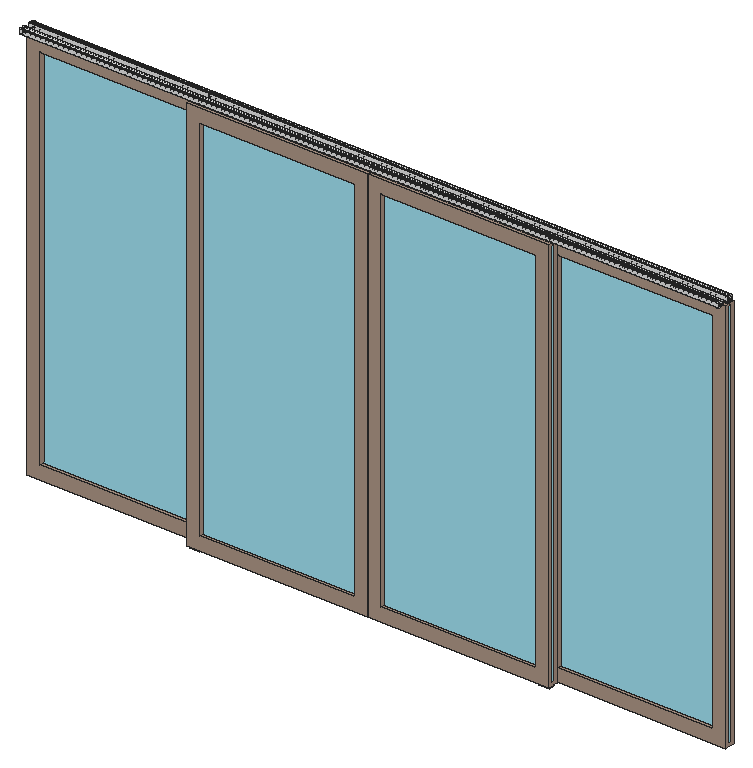
Revit family "4 Panel Slide SB4S XRDLP", category Doors, host Wall, Revit 2016
Family settings
  Host = Wall
  Always vertical = Yes
  Cut with Voids When Loaded = No
  Shared = No
  Room Calculation Point = No
Parameters (values of type "162"x 94 1/8"")
  URL = "www.raydoor.com"
  Type Image = SB4S.jpg
  Thickness = 2 1/4"  # constant formula
  Rough Width = 1"  # constant formula
  Rough Height = 1" / 4  # 1/4"
  Model = "SB4S"
  Function = Interior
  Door Material = Door - Panel
  Panel Material = Glass, Cast, Gray
  Height = 94 1/8"
  Trim Projection Ext = 63/64"  # constant formula
  Typ = 3"  # constant formula
  Wall Closure = By host
  Width = 162"
  Assembly Code = "SB4S XRDLP"
Reference planes (in)
  plane 1: y = 0
  plane 2: z = 0
  plane 3: x = -0.00001
  plane 4: x = -81.00001
  plane 5: x = 80.99999
  plane 6: z = 94.125
  plane 7: z = 92.9375
  plane 8: x = 77.99999
  plane 9: x = 79.49999
  plane 10: x = -3.00001
  plane 11: x = -1.50001
  plane 12: x = 1.49999
  plane 13: x = -79.50001
  plane 14: x = -78.00001
  plane 15: y = 0.125
  plane 16: y = -2.375
  plane 17: y = 2.375
  plane 18: y = -0.125
  plane 19: x = -40.50001
  plane 20: x = -39.00001
  plane 21: x = -42.00001
  plane 22: x = 40.49999
  plane 23: x = 41.99999
  plane 24: x = 38.99999
  plane 25: x = 2.99999
Forms (in)
  Extrusion 1, solid, material "Door - Panel" <- "Door Material"
    sketch origin (-58, 2.62273, 0.25) x (1, 0, 0) y (0, 0, 1)
      loop
        line (57.99999, 92.125) -> (57.99999, 0.25) -> (99.99999, 0.25) -> (99.99999, 92.125) -> (57.99999, 92.125)
      loop
        line (60.99999, 89.125) -> (60.99999, 3.25) -> (96.99999, 3.25) -> (96.99999, 89.125) -> (60.99999, 89.125)
    from 2.74773 to 4.99609
  Extrusion 2, solid, material "Glass, Cast, Gray" <- "Panel Material"
    sketch origin (-57.74997, -27.47932, 0.25) x (1, 0, 0) y (0, 0, 1)
      loop
        line (57.74997, 92.125) -> (57.74997, 1.125) -> (99.74997, 1.125) -> (99.74997, 92.125) -> (57.74997, 92.125)
    from -26.35104 to -26.10268
  Extrusion 3, void
    sketch origin (-58, -9.64385, -90.75) x (1, 0, 0) y (0, 0, 1)
      loop
        line (57.99999, 92.125) -> (57.99999, 91.25) -> (99.99999, 91.25) -> (99.99999, 92.125) -> (57.99999, 92.125)
    from -8.51721 to -8.26885
  Extrusion 4, solid, material "Door - Panel" <- "Door Material"
    sketch origin (-99, 0.3721, 0.25) x (1, 0, 0) y (0, 0, 1)
      loop
        line (56.99999, 92.125) -> (56.99999, 0.25) -> (98.99999, 0.25) -> (98.99999, 92.125) -> (56.99999, 92.125)
      loop
        line (59.99999, 89.125) -> (59.99999, 3.25) -> (95.99999, 3.25) -> (95.99999, 89.125) -> (59.99999, 89.125)
    from 0.49874 to 2.7471
  Extrusion 5, solid, material "Glass, Cast, Gray" <- "Panel Material"
    sketch origin (-98.99995, -7.34164, 0.25) x (1, 0, 0) y (0, 0, 1)
      loop
        line (56.99994, 92.125) -> (56.99994, 1.125) -> (98.99994, 1.125) -> (98.99994, 92.125) -> (56.99994, 92.125)
    from -6.215 to -5.96664
  Extrusion 6, void
    sketch origin (-99, -14.51721, -90.75) x (1, 0, 0) y (0, 0, 1)
      loop
        line (56.99999, 92.125) -> (56.99999, 91.25) -> (98.99999, 91.25) -> (98.99999, 92.125) -> (56.99999, 92.125)
    from -13.39057 to -13.14221
  Extrusion 7, solid, material "UHMW, White", detail levels medium+fine
    sketch origin (127.27771, -1.73342, 0.25) x (0, 1, 0) y (0, 0, 1)
      loop
        line (1.16928, -0.25) -> (1.16928, -0.0625) -> (0.60678, -0.0625) -> (0.60678, 0.75) -> (0.41928, 0.75) -> (0.41928, -0.0625) -> (-0.14322, -0.0625) -> (-0.14322, -0.25) -> (1.16928, -0.25)
      loop
        line (-0.04289, 93.65625) -> (-0.04289, 92.85447) -> (1.00562, 92.85447) -> (1.00562, 93.65625) -> (-0.04289, 93.65625)
    from -88.02771 to -85.52771
  Extrusion 8, solid, material "UHMW, White", detail levels medium+fine
    sketch origin (49.27771, 0.76658, 0.25) x (0, 1, 0) y (0, 0, 1)
      loop
        line (1.16928, -0.25) -> (1.16928, -0.0625) -> (0.60678, -0.0625) -> (0.60678, 0.75) -> (0.41928, 0.75) -> (0.41928, -0.0625) -> (-0.14322, -0.0625) -> (-0.14322, -0.25) -> (1.16928, -0.25)
      loop
        line (-0.04125, 93.65625) -> (-0.04125, 92.85447) -> (1.00726, 92.85447) -> (1.00726, 93.65625) -> (-0.04125, 93.65625)
    from -91.02771 to -88.52771
  Extrusion 9, solid, material "UHMW, White"
    sketch origin (0, 42.66856, -9.0893) x (0, 1, 0) y (0, 0, 1)
      loop
        line (-40.98125, 103.19868) -> (-41.00944, 103.2143) -> (-41.82807, 103.2143) -> (-41.85625, 103.19868)
        arc (-41.85625, 103.19868) -> (-41.80157, 103.14399) -> (-41.85625, 103.0893) r 0.05469
        line (-41.85625, 103.0893) -> (-41.98125, 103.0893)
        arc (-41.98125, 103.0893) -> (-42.00335, 103.08015) -> (-42.0125, 103.05805) r 0.03125
        line (-42.0125, 103.05805) -> (-42.0125, 102.01916)
        arc (-42.0125, 102.01916) -> (-42.00619, 102.00031) -> (-41.9898, 101.98907) r 0.0313
        line (-41.9898, 101.98907) -> (-41.79375, 101.93305) -> (-41.69219, 101.93305)
        arc (-41.69219, 101.93305) -> (-41.67401, 101.9417) -> (-41.66924, 101.96126) r 0.02344
        arc (-41.66924, 101.96126) -> (-41.67141, 101.97686) -> (-41.68296, 101.98757) r 0.02344
        line (-41.68296, 101.98757) -> (-41.93438, 102.0594) -> (-41.93438, 102.13127) -> (-41.95, 102.19377) -> (-41.95, 102.99555) -> (-41.80157, 103.006) -> (-41.70968, 103.12055) -> (-41.12783, 103.12055) -> (-41.03594, 103.006) -> (-40.8875, 102.99555) -> (-40.8875, 102.19377) -> (-40.90313, 102.13127) -> (-40.90313, 102.0594) -> (-41.15455, 101.98757)
        arc (-41.15455, 101.98757) -> (-41.1661, 101.97686) -> (-41.16826, 101.96126) r 0.02344
        arc (-41.16826, 101.96126) -> (-41.1635, 101.9417) -> (-41.14532, 101.93305) r 0.02344
        line (-41.14532, 101.93305) -> (-41.04375, 101.93305) -> (-40.84771, 101.98907)
        arc (-40.84771, 101.98907) -> (-40.83132, 102.00031) -> (-40.825, 102.01916) r 0.0313
        line (-40.825, 102.01916) -> (-40.825, 103.05805)
        arc (-40.825, 103.05805) -> (-40.83416, 103.08015) -> (-40.85625, 103.0893) r 0.03125
        line (-40.85625, 103.0893) -> (-40.98125, 103.0893)
        arc (-40.98125, 103.0893) -> (-41.03594, 103.14399) -> (-40.98125, 103.19868) r 0.05469
    from -81.00001 to 80.99999
  Extrusion 10, solid, material "UHMW, White"
    sketch origin (-41.44048, 1.65912, 94.125) x (0, -1, 0) y (1, 0, 0)
      loop
        circle (2.90868, 81.94047) r 0.125
    from -1.75 to -0.09375
  Extrusion 11, solid, material "UHMW, White"
    sketch origin (0, 40.4202, -9.0893) x (0, 1, 0) y (0, 0, 1)
      loop
        line (-41.23289, 103.19868) -> (-41.26108, 103.2143) -> (-42.07971, 103.2143) -> (-42.10789, 103.19868)
        arc (-42.10789, 103.19868) -> (-42.05321, 103.14399) -> (-42.10789, 103.0893) r 0.05469
        line (-42.10789, 103.0893) -> (-42.23289, 103.0893)
        arc (-42.23289, 103.0893) -> (-42.25499, 103.08015) -> (-42.26414, 103.05805) r 0.03125
        line (-42.26414, 103.05805) -> (-42.26414, 102.01916)
        arc (-42.26414, 102.01916) -> (-42.25783, 102.00031) -> (-42.24144, 101.98907) r 0.0313
        line (-42.24144, 101.98907) -> (-42.04539, 101.93305) -> (-41.94383, 101.93305)
        arc (-41.94383, 101.93305) -> (-41.92565, 101.9417) -> (-41.92088, 101.96126) r 0.02344
        arc (-41.92088, 101.96126) -> (-41.92305, 101.97686) -> (-41.9346, 101.98757) r 0.02344
        line (-41.9346, 101.98757) -> (-42.18602, 102.0594) -> (-42.18602, 102.13127) -> (-42.20164, 102.19377) -> (-42.20164, 102.99555) -> (-42.05321, 103.006) -> (-41.96132, 103.12055) -> (-41.37947, 103.12055) -> (-41.28758, 103.006) -> (-41.13914, 102.99555) -> (-41.13914, 102.19377) -> (-41.15477, 102.13127) -> (-41.15477, 102.0594) -> (-41.40619, 101.98757)
        arc (-41.40619, 101.98757) -> (-41.41774, 101.97686) -> (-41.4199, 101.96126) r 0.02344
        arc (-41.4199, 101.96126) -> (-41.41514, 101.9417) -> (-41.39696, 101.93305) r 0.02344
        line (-41.39696, 101.93305) -> (-41.29539, 101.93305) -> (-41.09935, 101.98907)
        arc (-41.09935, 101.98907) -> (-41.08296, 102.00031) -> (-41.07664, 102.01916) r 0.0313
        line (-41.07664, 102.01916) -> (-41.07664, 103.05805)
        arc (-41.07664, 103.05805) -> (-41.0858, 103.08015) -> (-41.10789, 103.0893) r 0.03125
        line (-41.10789, 103.0893) -> (-41.23289, 103.0893)
        arc (-41.23289, 103.0893) -> (-41.28758, 103.14399) -> (-41.23289, 103.19868) r 0.05469
    from -81.00001 to 80.99999
  Extrusion 12, solid, material "UHMW, White"
    sketch origin (-92.86615, -11.16274, 94.125) x (0, -1, 0) y (1, 0, 0)
      loop
        circle (-12.41356, 52.36615) r 0.125
    from -1.75 to 0
  Extrusion 13, solid, material "Door - Panel" <- "Door Material"
    sketch origin (-99, 2.87047, 0.25) x (1, 0, 0) y (0, 0, 1)
      loop
        line (17.99999, 92.125) -> (17.99999, 0.25) -> (59.99999, 0.25) -> (59.99999, 92.125) -> (17.99999, 92.125)
      loop
        line (20.99999, 89.125) -> (20.99999, 3.25) -> (56.99999, 3.25) -> (56.99999, 89.125) -> (20.99999, 89.125)
    from 0.4971 to 2.74547
  Extrusion 14, solid, material "Glass, Cast, Gray" <- "Panel Material"
    sketch origin (-98.99995, -4.84328, 0.25) x (1, 0, 0) y (0, 0, 1)
      loop
        line (17.99994, 92.125) -> (17.99994, 1.125) -> (59.99994, 1.125) -> (59.99994, 92.125) -> (17.99994, 92.125)
    from -6.21664 to -5.96828
  Extrusion 15, void
    sketch origin (-99, -12.01885, -90.75) x (1, 0, 0) y (0, 0, 1)
      loop
        line (56.99999, 92.125) -> (56.99999, 91.25) -> (59.99999, 91.25) -> (59.99999, 92.125) -> (56.99999, 92.125)
    from -13.39221 to -13.14385
  Extrusion 16, solid, material "Door - Panel" <- "Door Material"
    sketch origin (-67, 2.87047, 0.25) x (1, 0, 0) y (0, 0, 1)
      loop
        line (105.99999, 92.125) -> (105.99999, 0.25) -> (147.99999, 0.25) -> (147.99999, 92.125) -> (105.99999, 92.125)
      loop
        line (108.99999, 89.125) -> (108.99999, 3.25) -> (144.99999, 3.25) -> (144.99999, 89.125) -> (108.99999, 89.125)
    from 0.4971 to 2.74547
  Extrusion 17, solid, material "Glass, Cast, Gray" <- "Panel Material"
    sketch origin (-66.99995, -4.59328, 0.25) x (1, 0, 0) y (0, 0, 1)
      loop
        line (105.99994, 92.125) -> (105.99994, 1.125) -> (147.99994, 1.125) -> (147.99994, 92.125) -> (105.99994, 92.125)
    from -5.96664 to -5.71828
  Extrusion 18, void
    sketch origin (-67, -12.01885, -90.75) x (1, 0, 0) y (0, 0, 1)
      loop
        line (105.99999, 92.125) -> (105.99999, 91.25) -> (147.99999, 91.25) -> (147.99999, 92.125) -> (105.99999, 92.125)
    from -13.39221 to -13.14385
  Extrusion 19, solid, material "UHMW, White", detail levels medium+fine
    sketch origin (61.27771, -1.73342, 0.25) x (0, 1, 0) y (0, 0, 1)
      loop
        line (1.16928, -0.25) -> (1.16928, -0.0625) -> (0.60678, -0.0625) -> (0.60678, 0.75) -> (0.41928, 0.75) -> (0.41928, -0.0625) -> (-0.14322, -0.0625) -> (-0.14322, -0.25) -> (1.16928, -0.25)
      loop
        line (-0.04289, 93.65625) -> (-0.04289, 92.85447) -> (1.00562, 92.85447) -> (1.00562, 93.65625) -> (-0.04289, 93.65625)
    from -103.02771 to -100.52771
  Extrusion 20, solid, material "UHMW, White", detail levels medium+fine
    sketch origin (138.27771, 0.76658, 0.25) x (0, 1, 0) y (0, 0, 1)
      loop
        line (1.16928, -0.25) -> (1.16928, -0.0625) -> (0.60678, -0.0625) -> (0.60678, 0.75) -> (0.41928, 0.75) -> (0.41928, -0.0625) -> (-0.14322, -0.0625) -> (-0.14322, -0.25) -> (1.16928, -0.25)
      loop
        line (-0.04125, 93.65625) -> (-0.04125, 92.85447) -> (1.00726, 92.85447) -> (1.00726, 93.65625) -> (-0.04125, 93.65625)
    from -99.02771 to -96.52771
Cuts and joins
  Extrusion 3 cuts Extrusion 1
  Extrusion 3 cuts Extrusion 2
  Extrusion 6, Extrusion 15 cuts Extrusion 4
  Extrusion 6, Extrusion 15 cuts Extrusion 5
  Extrusion 15, Extrusion 18 cuts Extrusion 13
  Extrusion 15, Extrusion 18 cuts Extrusion 14
  Extrusion 18 cuts Extrusion 8
  Extrusion 18 cuts Extrusion 16
  Extrusion 18 cuts Extrusion 17
Lines and regions (in)
  Opening 1
    outline origin (-60, -2.99773, 144) x (0, 0, -1) y (1, 0, 0)
      loop
        line (49.875, -21.00001) -> (144, -21.00001) -> (144, 140.99999) -> (49.875, 140.99999) -> (49.875, -21.00001)
  Masking region 1
    outline origin (-7.24693, 27.04592, 0) x (1, 0, 0) y (0, 1, 0)
      loop
        line (-31.75307, -29.42092) -> (-31.75307, -27.17092) -> (-73.75307, -27.17092) -> (-73.75307, -29.42092) -> (-31.75307, -29.42092)
  Masking region 2
    outline origin (-7.24693, 29.28975, 0) x (1, 0, 0) y (0, 1, 0)
      loop
        line (-31.75307, -29.16475) -> (-31.75307, -26.91475) -> (-73.75307, -26.91475) -> (-73.75307, -29.16475) -> (-31.75307, -29.16475)
  Masking region 3
    outline origin (41.75307, 34.80676, 0) x (1, 0, 0) y (0, 1, 0)
      loop
        line (39.24693, -37.18176) -> (39.24693, -34.93176) -> (-2.75307, -34.93176) -> (-2.75307, -37.18176) -> (39.24693, -37.18176)
  Masking region 4
    outline origin (41.75307, 37.05059, 0) x (1, 0, 0) y (0, 1, 0)
      loop
        line (39.24693, -36.92559) -> (39.24693, -34.67559) -> (-2.75307, -34.67559) -> (-2.75307, -36.92559) -> (39.24693, -36.92559)
  symbolic lines, style "Elevation Swing"
    curve 1: line (-31.00001, 0, 37.98833) -> (-11, 0, 37.98833)
    curve 2: line (-11, 0, 32.79755) -> (-31.00001, 0, 32.79755)
    curve 3: line (-31.00001, 0, 37.98833) -> (-22.88008, 0, 40.48833)
    curve 4: line (-16.19616, 0, 29.79755) -> (-11, 0, 32.79755)
    curve 14: line (9.5, 0, 37.98833) -> (30.99999, 0, 37.98833)
    curve 15: line (30.99999, 0, 32.79755) -> (9.5, 0, 32.79755)
    curve 16: line (9.5, 0, 37.98833) -> (17.61992, 0, 40.48833)
    curve 17: line (25.80384, 0, 29.79755) -> (30.99999, 0, 32.79755)
  symbolic lines, style "Plan Swing"
    curve 5: line (30.99999, -14.55138, 0) -> (9.5, -14.55138, 0)
    curve 6: line (9.5, -14.55138, 0) -> (11.62132, -12.43006, 0)
    curve 7: line (30.99999, -16.07036, 0) -> (8.71019, -16.07036, 0)
    curve 8: line (28.87867, -18.19168, 0) -> (30.99999, -16.07036, 0)
    curve 10: line (-11.00001, -14.55138, 0) -> (-31.00001, -14.55138, 0)
    curve 11: line (-31.00001, -14.55138, 0) -> (-28.87869, -12.43006, 0)
    curve 12: line (-11.00001, -16.07036, 0) -> (-31.78981, -16.07036, 0)
    curve 13: line (-13.12133, -18.19168, 0) -> (-11.00001, -16.07036, 0)
  model lines
    curve 9: line (-81.00001, 3.00227, 0) -> (80.99999, 3.00227, 0)
Dimensions and locks (in)
  equal spacing: plane 4, plane 3, plane 5
  "Width": plane 4 to plane 5
  "Height": plane 6 to plane 2
  locked: plane 6 to plane 7 at 1.1875
  equal spacing: plane 8, plane 9, plane 5, locked at 1.5 each
  "Typ": plane 8 to plane 5
  equal spacing: plane 12, plane 22, plane 9
  equal spacing: plane 13, plane 19, plane 11, locked at 39 each
  "Typ": Extrusion 1 sketch curve to Extrusion 1 sketch curve  (x2)
  locked: Extrusion 2 to Extrusion 2 at 0.24836
  locked: Extrusion 2 sketch curve to Extrusion 1 at 0.875
  locked: Extrusion 3 to Extrusion 3 at 0.24836
  "Typ": Extrusion 4 sketch curve to Extrusion 4 sketch curve  (x2)
  locked: Extrusion 5 to Extrusion 5 at 0.24836
  locked: Extrusion 4 to Extrusion 5 at 1
  locked: Extrusion 5 sketch curve to Extrusion 4 at 0.875
  locked: Extrusion 6 to Extrusion 6 at 0.24836
  locked: plane 15 to plane 18 at 0.25
  "Typ": plane 4 to plane 14
  "Thickness": plane 17 to plane 15
  "Thickness": plane 18 to plane 16
  equal spacing: plane 4, plane 13, plane 14, locked at 1.5 each
  Extrusion 7 sketch curve to Extrusion 7 sketch curve = 3/16"
  locked: Extrusion 7 sketch curve to Extrusion 7 sketch curve at 0.5625  (x2)
  locked: Extrusion 7 sketch curve to Extrusion 7 sketch curve at 0.1875
  Extrusion 7 to Extrusion 7 to plane 23 = 2 1/2" locked, 1/4" locked
  plane 21 to Extrusion 8 to Extrusion 8 = 1/4" locked, 2 1/2" locked
  Extrusion 8 sketch curve to Extrusion 8 sketch curve = 3/16"
  locked: Extrusion 8 sketch curve to Extrusion 8 sketch curve at 0.5625  (x2)
  locked: Extrusion 8 sketch curve to Extrusion 8 sketch curve at 0.1875
  locked: cut or joined group of Extrusion 2, Extrusion 3 to plane 16 at 0.99836
  locked: plane 17 to Extrusion 12 sketch curve at 1.24918
  locked: Extrusion 10 sketch curve to plane 16 at 1.00044
  equal spacing: plane 21, plane 19, plane 20, locked at 1.5 each
  "Typ": plane 21 to plane 20
  equal spacing: plane 24, plane 22, plane 23
  "Typ": plane 24 to plane 23
  locked: plane 16 to cut or joined group of Extrusion 2, Extrusion 3 at 0.99836
  locked: cut or joined group of Extrusion 2, Extrusion 3 to plane 18 at 1.00164
  locked: cut or joined group of Extrusion 2, Extrusion 3 to cut or joined group of Extrusion 2, Extrusion 3 at 0.24836
  "Typ": Extrusion 13 sketch curve to Extrusion 13 sketch curve  (x2)
  locked: Extrusion 14 to Extrusion 14 at 0.24836
  locked: Extrusion 13 to Extrusion 14 at 1
  locked: Extrusion 14 sketch curve to Extrusion 13 at 0.875
  locked: Extrusion 15 to Extrusion 15 at 0.24836
  locked: cut or joined group of Extrusion 14, Extrusion 15, Extrusion 18 to plane 15 at 1
  "Typ": Extrusion 16 sketch curve to Extrusion 16 sketch curve  (x2)
  locked: Extrusion 17 to Extrusion 17 at 0.24836
  locked: Extrusion 16 to Extrusion 17 at 1
  locked: Extrusion 17 sketch curve to Extrusion 16 at 0.875
  locked: Extrusion 18 to Extrusion 18 at 0.24836
  locked: Extrusion 10 sketch curve to plane 23 at 1.375
  "Typ": plane 10 to plane 3
  "Typ": plane 3 to plane 25
  equal spacing: plane 3, plane 12, plane 25, locked at 1.5 each
  equal spacing: plane 10, plane 11, plane 3, locked at 1.5 each
  locked: plane 21 to Extrusion 12 sketch curve at 1.625
  Extrusion 19 sketch curve to Extrusion 19 sketch curve = 3/16"
  locked: Extrusion 19 sketch curve to Extrusion 19 sketch curve at 0.5625  (x2)
  locked: Extrusion 19 sketch curve to Extrusion 19 sketch curve at 0.1875
  locked: Extrusion 19 to Extrusion 19 at 2.5
  "Rough Height": Extrusion 19 to plane 21
  locked: Extrusion 20 to Extrusion 20 at 2.5
  Extrusion 20 sketch curve to Extrusion 20 sketch curve = 3/16"
  locked: Extrusion 20 sketch curve to Extrusion 20 sketch curve at 0.5625  (x2)
  locked: Extrusion 20 sketch curve to Extrusion 20 sketch curve at 0.1875
  "Rough Height": Extrusion 20 to plane 24
  diameter of Extrusion 10 sketch curve = 1/4"
  diameter of Extrusion 12 sketch curve = 1/4"
  aligned and locked: plane 5 to curve 9
  aligned and locked: Opening 1 sketch curve to plane 5
  aligned and locked: Opening 1 sketch curve to plane 4
  aligned and locked: Extrusion 1 to Extrusion 2
  aligned and locked: Extrusion 1 to Extrusion 3  (x2)
  aligned and locked: Extrusion 4 to Extrusion 5
  aligned and locked: Extrusion 4 to Extrusion 6  (x3)
  aligned and locked: plane 17 to Masking region 2
  aligned and locked: Masking region 2 to plane 15
  aligned and locked: Extrusion 7 sketch curve to Extrusion 7 sketch curve
  aligned and locked: cut or joined group of Extrusion 1, Extrusion 3 to Extrusion 7
  aligned and locked: Extrusion 10 to Extrusion 9
  aligned and locked: plane 4 to Extrusion 11
  aligned and locked: plane 4 to Extrusion 9
  aligned and locked: plane 4 to Masking region 1
  aligned and locked: plane 18 to Masking region 1
  aligned and locked: Masking region 1 to plane 16
  aligned and locked: cut or joined group of Extrusion 4, Extrusion 6, Extrusion 15 to plane 16
  aligned and locked: plane 18 to cut or joined group of Extrusion 4, Extrusion 6, Extrusion 15
  aligned and locked: cut or joined group of Extrusion 2, Extrusion 3 to plane 23
  aligned and locked: cut or joined group of Extrusion 1, Extrusion 3 to plane 23
  aligned and locked: cut or joined group of Extrusion 1, Extrusion 3 to plane 24
  aligned and locked: Masking region 1 to plane 20
  aligned and locked: cut or joined group of Extrusion 5, Extrusion 6, Extrusion 15 to Extrusion 6
  aligned and locked: Extrusion 13 to Extrusion 14
  aligned and locked: Extrusion 13 to Extrusion 15
  aligned and locked: Extrusion 13 to Masking region 2  (x2)
  aligned and locked: cut or joined group of Extrusion 13, Extrusion 15, Extrusion 18 to Extrusion 8
  aligned and locked: Masking region 2 to plane 20
  aligned and locked: Extrusion 16 to Extrusion 17
  aligned and locked: Extrusion 16 to Extrusion 18  (x3)
  aligned and locked: plane 17 to Extrusion 16
  aligned and locked: cut or joined group of Extrusion 16, Extrusion 18 to plane 15
  aligned and locked: cut or joined group of Extrusion 16, Extrusion 18 to plane 5
  aligned and locked: cut or joined group of Extrusion 17, Extrusion 18 to plane 5
  aligned and locked: plane 8 to cut or joined group of Extrusion 16, Extrusion 18
  aligned and locked: cut or joined group of Extrusion 16, Extrusion 18 to plane 23
  aligned and locked: cut or joined group of Extrusion 16, Extrusion 18 to plane 24
  aligned and locked: cut or joined group of Extrusion 17, Extrusion 18 to plane 24
  aligned and locked: Masking region 3 to plane 16
  aligned and locked: Masking region 3 to plane 18
  aligned and locked: Masking region 3 to plane 5
  aligned and locked: Masking region 3 to plane 24
  aligned and locked: Masking region 4 to plane 15
  aligned and locked: plane 17 to Masking region 4
  aligned and locked: Masking region 4 to plane 5
  aligned and locked: Masking region 4 to plane 24
  aligned and locked: Extrusion 11 to plane 5
  aligned and locked: Extrusion 9 to plane 5
  aligned and locked: cut or joined group of Extrusion 13, Extrusion 15, Extrusion 18 to Extrusion 15
  aligned and locked: cut or joined group of Extrusion 13, Extrusion 15, Extrusion 18 to Extrusion 14
  aligned and locked: plane 4 to cut or joined group of Extrusion 13, Extrusion 15, Extrusion 18
  aligned and locked: cut or joined group of Extrusion 13, Extrusion 15, Extrusion 18 to plane 14
  aligned and locked: Extrusion 13 to plane 21
  aligned and locked: cut or joined group of Extrusion 13, Extrusion 15, Extrusion 18 to plane 20
  aligned and locked: cut or joined group of Extrusion 14, Extrusion 15, Extrusion 18 to plane 20
  aligned and locked: plane 4 to Masking region 2
  aligned and locked: cut or joined group of Extrusion 4, Extrusion 6, Extrusion 15 to plane 21
  aligned and locked: cut or joined group of Extrusion 5, Extrusion 6, Extrusion 15 to plane 21
  aligned and locked: cut or joined group of Extrusion 4, Extrusion 6, Extrusion 15 to plane 20
  aligned and locked: Extrusion 3 to plane 3
  aligned and locked: Extrusion 2 to plane 3
  aligned and locked: cut or joined group of Extrusion 1, Extrusion 3 to plane 3
  aligned and locked: cut or joined group of Extrusion 1, Extrusion 3 to plane 25
  aligned and locked: plane 3 to cut or joined group of Extrusion 4, Extrusion 6, Extrusion 15
  aligned and locked: plane 10 to cut or joined group of Extrusion 4, Extrusion 6, Extrusion 15
  aligned and locked: plane 3 to cut or joined group of Extrusion 5, Extrusion 6, Extrusion 15
  aligned and locked: plane 3 to Extrusion 6
  aligned and locked: Extrusion 19 sketch curve to Extrusion 19 sketch curve
Automatic sketch dimensions
  curve 16 to plane 25 = 6 1/2"
  level to curve 16 = 37.98833"
  curve 3 to plane 20 = 8"
  level to curve 3 = 37.98833"
  curve 17 to plane 24 = 8"
  curve 14 to curve 17 = 5.19077"
  curve 1 to curve 2 = 5.19077"
  plane 10 to curve 2 = 8"
  curve 3 to plane 20 = 16.11993"
  curve 3 to curve 1 = 2 1/2"
  curve 16 to plane 25 = 14.61993"
  curve 16 to curve 14 = 2 1/2"
  curve 17 to plane 24 = 13.19615"
  curve 15 to curve 17 = 3"
  plane 10 to curve 4 = 13.19615"
  curve 2 to curve 4 = 3"
  curve 1 to curve 2 = 0"  (x2)
  curve 14 to curve 15 = 0"  (x2)
  Opening 1 sketch curve to plane 6 = 0"
  Opening 1 sketch curve to level = 0"
  curve 11 to plane 20 = 8"
  plane 10 to curve 12 = 8"
  curve 6 to plane 25 = 6 1/2"
  curve 7 to plane 24 = 8"
  host wall to curve 8 = 13.07263"
  host wall to curve 13 = 13.07263"
  curve 12 to curve 10 = 1.51898"
  curve 7 to curve 5 = 1.51898"
  curve 12 to curve 10 = 0.7898"
  curve 10 to curve 11 = 2.12132"  (x2)
  curve 13 to curve 12 = 2.12132"  (x2)
  curve 10 to curve 12 = 0"
  curve 7 to curve 5 = 0.7898"
  curve 5 to curve 6 = 2.12132"  (x2)
  curve 8 to curve 7 = 2.12132"  (x2)
  curve 5 to curve 7 = 0"
  curve 9 to level = 0"
  plane 4 to curve 9 = 0"
  Masking region 1 sketch curve to plane 4 = 0"
  Masking region 1 sketch curve to plane 18 = 0"
  Masking region 1 sketch curve to plane 20 = 0"
  Masking region 1 sketch curve to plane 16 = 0"
  Masking region 2 sketch curve to plane 4 = 0"
  Masking region 2 sketch curve to plane 17 = 0"
  Masking region 2 sketch curve to plane 20 = 0"
  Masking region 2 sketch curve to plane 15 = 0"
  Extrusion 1 sketch curve to plane 3 = 0"
  plane 25 to Extrusion 1 sketch curve = 0"
  Extrusion 1 sketch curve to plane 24 = 0"
  plane 23 to Extrusion 1 sketch curve = 0"
  level to Extrusion 1 sketch curve = 1/2"
  plane 7 to Extrusion 1 sketch curve = 3 9/16"
  Extrusion 2 sketch curve to plane 3 = 0"
  plane 23 to Extrusion 2 sketch curve = 0"
  plane 7 to Extrusion 2 sketch curve = 9/16"
  Extrusion 3 sketch curve to plane 3 = 0"
  plane 23 to Extrusion 3 sketch curve = 0"
  level to Extrusion 3 sketch curve = 1/2"
  Extrusion 3 sketch curve to Extrusion 3 sketch curve = 7/8"
  Extrusion 4 sketch curve to plane 21 = 0"
  plane 20 to Extrusion 4 sketch curve = 0"
  plane 10 to Extrusion 4 sketch curve = 0"
  Extrusion 4 sketch curve to plane 3 = 0"
  level to Extrusion 4 sketch curve = 1/2"
  plane 7 to Extrusion 4 sketch curve = 3 9/16"
  Extrusion 5 sketch curve to plane 21 = 0"
  Extrusion 5 sketch curve to plane 3 = 0"
  plane 7 to Extrusion 5 sketch curve = 9/16"
  Extrusion 6 sketch curve to plane 21 = 0"
  Extrusion 6 sketch curve to plane 3 = 0"
  level to Extrusion 6 sketch curve = 1/2"
  Extrusion 6 sketch curve to Extrusion 6 sketch curve = 7/8"
  Extrusion 7 sketch curve to level = 0"
  plane 16 to Extrusion 7 sketch curve = 0.49836"
  Extrusion 7 sketch curve to plane 7 = 0.16697"
  plane 16 to Extrusion 7 sketch curve = 0.59869"
  plane 6 to Extrusion 7 sketch curve = 7/32"
  Extrusion 7 sketch curve to plane 18 = 0.6028"
  Extrusion 7 sketch curve to Extrusion 7 sketch curve = 13/16"
  Extrusion 8 sketch curve to level = 0"
  plane 15 to Extrusion 8 sketch curve = 0.49836"
  Extrusion 8 sketch curve to plane 7 = 0.16697"
  plane 15 to Extrusion 8 sketch curve = 0.60033"
  plane 6 to Extrusion 8 sketch curve = 7/32"
  Extrusion 8 sketch curve to plane 17 = 0.60116"
  Extrusion 8 sketch curve to Extrusion 8 sketch curve = 3/16"
  Extrusion 8 sketch curve to Extrusion 8 sketch curve = 13/16"
  plane 6 to Extrusion 9 sketch curve = 0"
  plane 7 to Extrusion 9 sketch curve = 0.00764"  (x2)
  plane 15 to Extrusion 9 sketch curve = 0.53106"
  plane 7 to Extrusion 9 sketch curve = 0.03774"  (x2)
  Extrusion 9 sketch curve to Extrusion 9 sketch curve = 0.0227"
  Extrusion 9 sketch curve to Extrusion 9 sketch curve = 1/32"  (x3)
  Extrusion 9 sketch curve to plane 7 = 0.10447"
  Extrusion 9 sketch curve to Extrusion 9 sketch curve = 1/64"  (x2)
  Extrusion 9 sketch curve to Extrusion 9 sketch curve = 1/8"
  Extrusion 9 sketch curve to Extrusion 9 sketch curve = 0.02819"  (x2)
  plane 6 to Extrusion 9 sketch curve = 0.20831"  (x2)
  Extrusion 9 sketch curve to Extrusion 9 sketch curve = 7/128"  (x3)
  plane 7 to Extrusion 9 sketch curve = 3/32"  (x2)
  Extrusion 9 sketch curve to Extrusion 9 sketch curve = 9/64"  (x2)
  plane 6 to Extrusion 9 sketch curve = 3/32"
  Extrusion 9 sketch curve to Extrusion 9 sketch curve = 0.09189"  (x2)
  Extrusion 9 sketch curve to Extrusion 9 sketch curve = 13/128"  (x2)
  Extrusion 9 sketch curve to Extrusion 9 sketch curve = 0"  (x2)
  plane 7 to Extrusion 9 sketch curve = 0.03924"  (x2)
  Extrusion 9 sketch curve to Extrusion 9 sketch curve = 0.00923"  (x2)
  Extrusion 9 sketch curve to Extrusion 9 sketch curve = 0.52841"
  Extrusion 9 sketch curve to Extrusion 9 sketch curve = 0.58185"
  Extrusion 9 sketch curve to Extrusion 9 sketch curve = 0.11839"
  Extrusion 9 sketch curve to plane 7 = 0.0326"  (x2)
  Extrusion 9 sketch curve to plane 7 = 0.16697"
  Extrusion 9 sketch curve to Extrusion 9 sketch curve = 0.04683"
  Extrusion 9 sketch curve to Extrusion 9 sketch curve = 0.0086"
  Extrusion 9 sketch curve to Extrusion 9 sketch curve = 3/128"  (x2)
  Extrusion 9 sketch curve to Extrusion 9 sketch curve = 0.00953"  (x2)
  Extrusion 9 sketch curve to Extrusion 9 sketch curve = 1/16"  (x4)
  Extrusion 9 sketch curve to Extrusion 9 sketch curve = 0.01044"  (x2)
  plane 6 to Extrusion 11 sketch curve = 0"
  plane 7 to Extrusion 11 sketch curve = 0.00764"  (x2)
  plane 16 to Extrusion 11 sketch curve = 0.53106"
  plane 7 to Extrusion 11 sketch curve = 0.03774"  (x2)
  Extrusion 11 sketch curve to Extrusion 11 sketch curve = 0.0227"
  Extrusion 11 sketch curve to Extrusion 11 sketch curve = 1/32"  (x3)
  Extrusion 11 sketch curve to plane 7 = 0.10447"
  Extrusion 11 sketch curve to Extrusion 11 sketch curve = 1/64"  (x2)
  Extrusion 11 sketch curve to Extrusion 11 sketch curve = 1/8"
  Extrusion 11 sketch curve to Extrusion 11 sketch curve = 0.02819"  (x2)
  plane 6 to Extrusion 11 sketch curve = 0.20831"  (x2)
  Extrusion 11 sketch curve to Extrusion 11 sketch curve = 7/128"  (x3)
  plane 7 to Extrusion 11 sketch curve = 3/32"  (x2)
  Extrusion 11 sketch curve to Extrusion 11 sketch curve = 9/64"  (x2)
  plane 6 to Extrusion 11 sketch curve = 3/32"
  Extrusion 11 sketch curve to Extrusion 11 sketch curve = 0.09189"  (x2)
  Extrusion 11 sketch curve to Extrusion 11 sketch curve = 13/128"  (x2)
  Extrusion 11 sketch curve to Extrusion 11 sketch curve = 0"  (x2)
  plane 7 to Extrusion 11 sketch curve = 0.03924"  (x2)
  Extrusion 11 sketch curve to Extrusion 11 sketch curve = 0.00923"  (x2)
  Extrusion 11 sketch curve to Extrusion 11 sketch curve = 0.52841"
  Extrusion 11 sketch curve to Extrusion 11 sketch curve = 0.58185"
  Extrusion 11 sketch curve to Extrusion 11 sketch curve = 0.11839"
  Extrusion 11 sketch curve to plane 7 = 0.0326"  (x2)
  Extrusion 11 sketch curve to plane 7 = 0.16697"
  Extrusion 11 sketch curve to Extrusion 11 sketch curve = 0.04683"
  Extrusion 11 sketch curve to Extrusion 11 sketch curve = 0.0086"
  Extrusion 11 sketch curve to Extrusion 11 sketch curve = 3/128"  (x2)
  Extrusion 11 sketch curve to Extrusion 11 sketch curve = 0.00953"  (x2)
  Extrusion 11 sketch curve to Extrusion 11 sketch curve = 1/16"  (x4)
  Extrusion 11 sketch curve to Extrusion 11 sketch curve = 0.01044"  (x2)
  plane 4 to Extrusion 13 sketch curve = 0"
  plane 14 to Extrusion 13 sketch curve = 0"
  Extrusion 13 sketch curve to plane 21 = 0"
  plane 20 to Extrusion 13 sketch curve = 0"
  level to Extrusion 13 sketch curve = 1/2"
  plane 7 to Extrusion 13 sketch curve = 3 9/16"
  plane 4 to Extrusion 14 sketch curve = 0"
  plane 20 to Extrusion 14 sketch curve = 0"
  plane 7 to Extrusion 14 sketch curve = 9/16"
  Extrusion 15 sketch curve to plane 21 = 0"
  plane 20 to Extrusion 15 sketch curve = 0"
  level to Extrusion 15 sketch curve = 1/2"
  Extrusion 15 sketch curve to Extrusion 15 sketch curve = 7/8"
  Extrusion 16 sketch curve to plane 24 = 0"
  plane 23 to Extrusion 16 sketch curve = 0"
  plane 8 to Extrusion 16 sketch curve = 0"
  plane 5 to Extrusion 16 sketch curve = 0"
  level to Extrusion 16 sketch curve = 1/2"
  plane 7 to Extrusion 16 sketch curve = 3 9/16"
  Extrusion 17 sketch curve to plane 24 = 0"
  plane 5 to Extrusion 17 sketch curve = 0"
  plane 7 to Extrusion 17 sketch curve = 9/16"
  Extrusion 18 sketch curve to plane 24 = 0"
  plane 5 to Extrusion 18 sketch curve = 0"
  level to Extrusion 18 sketch curve = 1/2"
  Extrusion 18 sketch curve to Extrusion 18 sketch curve = 7/8"
  Masking region 3 sketch curve to plane 16 = 0"
  Masking region 3 sketch curve to plane 24 = 0"
  Masking region 3 sketch curve to plane 5 = 0"
  plane 18 to Masking region 3 sketch curve = 0"
  Masking region 4 sketch curve to plane 15 = 0"
  Masking region 4 sketch curve to plane 24 = 0"
  Masking region 4 sketch curve to plane 5 = 0"
  Masking region 4 sketch curve to plane 17 = 0"
  Extrusion 19 sketch curve to level = 0"
  plane 16 to Extrusion 19 sketch curve = 0.49836"
  Extrusion 19 sketch curve to plane 7 = 0.16697"
  plane 16 to Extrusion 19 sketch curve = 0.59869"
  plane 6 to Extrusion 19 sketch curve = 7/32"
  Extrusion 19 sketch curve to plane 18 = 0.6028"
  Extrusion 19 sketch curve to Extrusion 19 sketch curve = 13/16"
  Extrusion 20 sketch curve to level = 0"
  plane 15 to Extrusion 20 sketch curve = 0.49836"
  Extrusion 20 sketch curve to plane 7 = 0.16697"
  plane 15 to Extrusion 20 sketch curve = 0.60033"
  plane 6 to Extrusion 20 sketch curve = 7/32"
  Extrusion 20 sketch curve to plane 17 = 0.60116"
  level to Extrusion 20 sketch curve = 3/16"
  Extrusion 20 sketch curve to Extrusion 20 sketch curve = 13/16"
